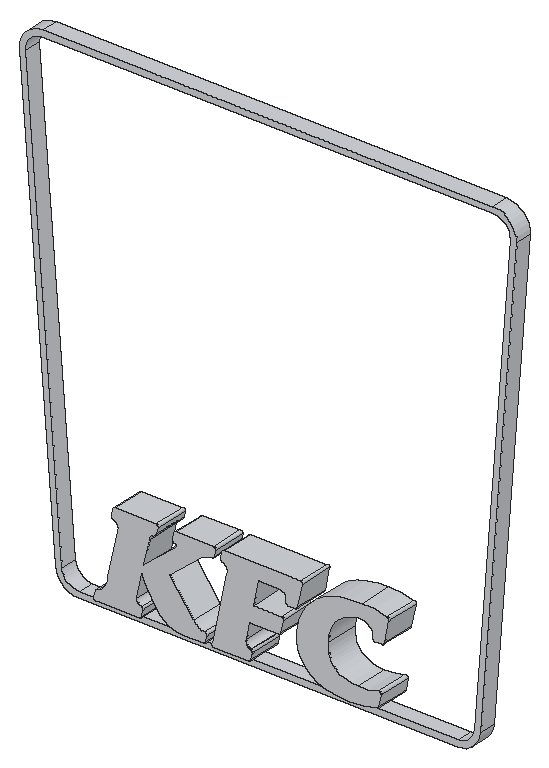
Revit family "ATT01_Colonel Lightbox", category Lighting Fixtures, Revit 2022 (continued)
Automatic sketch dimensions
  Extrusion 1 sketch curve to Extrusion 1 sketch curve = 35.704 mm
  Extrusion 1 sketch curve to Extrusion 1 sketch curve = 65.348 mm
  Extrusion 1 sketch curve to Extrusion 1 sketch curve = 25.6 mm
  Extrusion 1 sketch curve to Extrusion 1 sketch curve = 1.751 mm
  Extrusion 1 sketch curve to Extrusion 1 sketch curve = 18.805 mm
  Extrusion 1 sketch curve to Extrusion 1 sketch curve = 36.519 mm
  Extrusion 2 sketch curve to plane 4 = 0.006 mm
  Extrusion 2 sketch curve to level = 0 mm
  plane 6 to Extrusion 2 sketch curve = 0.184 mm
  Extrusion 2 sketch curve to Extrusion 2 sketch curve = 70.017 mm
  Extrusion 2 sketch curve to Extrusion 2 sketch curve = 0.038 mm  (x2)
  level to Extrusion 2 sketch curve = 63.271 mm  (x2)
  plane 6 to Extrusion 2 sketch curve = 108.211 mm
  Extrusion 2 sketch curve to Extrusion 2 sketch curve = 69.002 mm
  level to Extrusion 2 sketch curve = 70.522 mm
  Extrusion 2 sketch curve to plane 5 = 178.369 mm
  Extrusion 2 sketch curve to Extrusion 2 sketch curve = 1.156 mm
  Extrusion 2 sketch curve to Extrusion 2 sketch curve = 70.158 mm
  Extrusion 2 sketch curve to plane 5 = 70.239 mm
  Extrusion 2 sketch curve to plane 5 = 0.184 mm
  Extrusion 2 sketch curve to plane 4 = 75.17 mm
  Extrusion 2 sketch curve to plane 4 = 75.172 mm
  Extrusion 2 sketch curve to Extrusion 2 sketch curve = 18.19 mm
  Extrusion 2 sketch curve to Extrusion 2 sketch curve = 0.043 mm
  Extrusion 2 sketch curve to Extrusion 2 sketch curve = 0 mm  (x2)
  level to Extrusion 2 sketch curve = 65.185 mm  (x2)
  Extrusion 2 sketch curve to Extrusion 2 sketch curve = 18.198 mm
  Extrusion 2 sketch curve to Extrusion 2 sketch curve = 0.312 mm  (x2)
  Extrusion 2 sketch curve to Extrusion 2 sketch curve = 0.908 mm  (x2)
  Extrusion 2 sketch curve to Extrusion 2 sketch curve = 18.199 mm
  Extrusion 2 sketch curve to Extrusion 2 sketch curve = 0.04 mm
  Extrusion 2 sketch curve to Extrusion 2 sketch curve = 18.192 mm
  level to Extrusion 2 sketch curve = 18.296 mm
  Extrusion 2 sketch curve to Extrusion 2 sketch curve = 2.013 mm
  Extrusion 2 sketch curve to Extrusion 2 sketch curve = 2.041 mm
  Extrusion 2 sketch curve to Extrusion 2 sketch curve = 0.032 mm
  curve 111 to level = 726.148 mm
  plane 5 to curve 111 = 2767.647 mm
  curve 111 to curve 112 = 36.753 mm
  curve 111 to curve 167 = 458.388 mm
  curve 167 to curve 152 = 54.445 mm
  curve 167 to curve 349 = 224.127 mm
  curve 349 to curve 158 = 73.425 mm
  curve 349 to curve 359 = 446.453 mm
  curve 112 to curve 111 = 35.175 mm
  curve 112 to curve 359 = 137.524 mm
  curve 359 to curve 349 = 397.647 mm
  curve 349 to curve 167 = 45.016 mm
  curve 349 to curve 158 = 221.904 mm
  curve 158 to curve 152 = 268.172 mm
  curve 31 to curve 112 = 60.247 mm
  curve 36 to curve 31 = 2.693 mm
  curve 114 to curve 111 = 30.892 mm
  curve 35 to curve 31 = 8.902 mm
  curve 44 to curve 37 = 9.498 mm
  curve 114 to curve 114 = 5.61 mm
  curve 31 to curve 31 = 14.835 mm
  curve 105 to curve 111 = 38.589 mm
  curve 34 to curve 31 = 13.568 mm
  curve 106 to curve 106 = 13.375 mm
  curve 34 to curve 34 = 0.692 mm
  curve 33 to curve 34 = 0.098 mm
  curve 8 to curve 32 = 15.033 mm
  curve 7 to curve 7 = 0.703 mm
  curve 113 to curve 113 = 29.243 mm
  curve 45 to curve 44 = 32.025 mm
  curve 8 to curve 7 = 14.916 mm
  curve 47 to curve 45 = 1.12 mm
  curve 111 to curve 113 = 4.115 mm
  curve 111 to curve 112 = 6.296 mm
  curve 110 to curve 111 = 0.322 mm
  curve 107 to curve 110 = 2.03 mm
  curve 109 to curve 107 = 1.47 mm
  curve 108 to curve 109 = 0.421 mm
  curve 48 to curve 46 = 12.019 mm
  curve 9 to curve 8 = 12.771 mm
  curve 11 to curve 9 = 1.001 mm
  curve 49 to curve 47 = 16.128 mm
  curve 48 to curve 49 = 0.635 mm
  curve 11 to curve 11 = 41.768 mm
  curve 37 to curve 36 = 167.579 mm
  curve 26 to curve 11 = 72.756 mm
  curve 43 to curve 38 = 31.954 mm
  curve 38 to curve 38 = 54.466 mm
  curve 28 to curve 26 = 54.968 mm
  curve 26 to curve 27 = 60.153 mm
  curve 40 to curve 39 = 15.616 mm
  curve 5 to curve 27 = 15.836 mm
  curve 41 to curve 39 = 13.838 mm
  curve 41 to curve 41 = 0.646 mm
  curve 4 to curve 5 = 14.785 mm
  curve 12 to curve 41 = 15.079 mm
  curve 20 to curve 25 = 42.283 mm
  curve 29 to curve 27 = 50.231 mm
  curve 1 to curve 28 = 0.863 mm
  curve 13 to curve 12 = 14.698 mm
  curve 1 to curve 1 = 14.215 mm
  curve 24 to curve 1 = 18.666 mm
  curve 3 to curve 1 = 20.282 mm
  curve 19 to curve 20 = 38.454 mm
  curve 3 to curve 3 = 0.641 mm
  curve 24 to curve 24 = 14.793 mm
  curve 18 to curve 20 = 37.905 mm
  curve 18 to curve 19 = 1.415 mm
  curve 22 to curve 23 = 30.289 mm
  curve 23 to curve 22 = 0.644 mm
  curve 16 to curve 18 = 10.994 mm
  curve 15 to curve 17 = 16.274 mm
  curve 15 to curve 15 = 0.638 mm
  curve 86 to curve 23 = 54.731 mm
  curve 88 to curve 4 = 157.037 mm
  curve 78 to curve 87 = 33.548 mm
  curve 80 to curve 86 = 81.706 mm
  curve 89 to curve 87 = 77.602 mm
  curve 73 to curve 88 = 15.045 mm
  curve 78 to curve 79 = 78.624 mm
  curve 77 to curve 77 = 1.207 mm
  curve 76 to curve 77 = 13.78 mm
  curve 74 to curve 76 = 19.226 mm
  curve 73 to curve 74 = 0.643 mm
  curve 80 to curve 79 = 175.318 mm
  curve 85 to curve 80 = 23.245 mm
  curve 81 to curve 80 = 48.471 mm
  curve 82 to curve 81 = 16.245 mm
  curve 84 to curve 83 = 29.114 mm
  curve 85 to curve 83 = 1.31 mm
  curve 103 to curve 112 = 21.294 mm
  curve 45 to curve 43 = 57.404 mm
  curve 49 to curve 51 = 120.419 mm
  curve 35 to curve 69 = 69.571 mm
  curve 51 to curve 51 = 15.453 mm
  curve 112 to curve 102 = 4.724 mm
  curve 44 to curve 68 = 21.873 mm
  curve 115 to curve 122 = 83.187 mm
  curve 52 to curve 54 = 14.052 mm
  curve 54 to curve 52 = 0.286 mm
  curve 54 to curve 53 = 0.303 mm
  curve 68 to curve 69 = 16.131 mm
  curve 122 to curve 123 = 4.988 mm
  curve 70 to curve 71 = 14.005 mm
  curve 122 to curve 116 = 16.752 mm
  curve 54 to curve 54 = 17.563 mm
  curve 101 to curve 101 = 29.129 mm
  curve 123 to curve 124 = 13.331 mm
  curve 124 to curve 126 = 1.981 mm
  curve 125 to curve 126 = 3.599 mm
  curve 126 to curve 128 = 2.032 mm
  curve 116 to curve 116 = 11.167 mm
  curve 70 to curve 72 = 13.503 mm
  curve 72 to curve 72 = 0.695 mm
  curve 128 to curve 129 = 3.705 mm
  curve 115 to curve 104 = 14.793 mm
  curve 128 to curve 129 = 2.927 mm
  curve 105 to curve 104 = 1.042 mm
  curve 129 to curve 131 = 0.825 mm
  curve 122 to curve 122 = 33.557 mm
  curve 130 to curve 132 = 1.901 mm
  curve 131 to curve 133 = 0.853 mm
  curve 133 to curve 133 = 1.345 mm
  curve 133 to curve 134 = 0.408 mm
  curve 134 to curve 134 = 1.831 mm
  curve 70 to curve 67 = 38.756 mm
  curve 66 to curve 64 = 1.759 mm
  curve 65 to curve 65 = 0.569 mm
  curve 64 to curve 64 = 0.993 mm
  curve 134 to curve 135 = 24.464 mm
  curve 116 to curve 117 = 36.425 mm
  curve 117 to curve 121 = 1.701 mm
  curve 121 to curve 119 = 0.969 mm
  curve 119 to curve 118 = 2.684 mm
  curve 63 to curve 62 = 14.746 mm
  curve 62 to curve 62 = 14.627 mm
  curve 136 to curve 138 = 36.243 mm
  curve 136 to curve 137 = 42.441 mm
  curve 119 to curve 99 = 38.786 mm
  curve 136 to curve 137 = 2.531 mm
  curve 137 to curve 138 = 0.132 mm
  curve 139 to curve 139 = 12.797 mm
  curve 100 to curve 98 = 11.476 mm
  curve 66 to curve 55 = 76.712 mm
  curve 137 to curve 208 = 27.69 mm
  curve 140 to curve 202 = 28.149 mm
  curve 209 to curve 208 = 4.618 mm
  curve 139 to curve 203 = 54.016 mm
  curve 202 to curve 207 = 4.023 mm
  curve 202 to curve 204 = 11.643 mm
  curve 55 to curve 56 = 40.804 mm
  curve 56 to curve 58 = 1.578 mm
  curve 99 to curve 97 = 58.209 mm
  curve 204 to curve 204 = 13.912 mm
  curve 205 to curve 205 = 1.486 mm
  curve 57 to curve 58 = 13.335 mm
  curve 140 to curve 201 = 79.058 mm
  curve 200 to curve 142 = 3.927 mm
  curve 59 to curve 60 = 14.235 mm
  curve 60 to curve 59 = 0.7 mm
  curve 142 to curve 141 = 6.831 mm
  curve 98 to curve 97 = 25.73 mm
  curve 140 to curve 141 = 2.44 mm
  curve 202 to curve 222 = 67.899 mm
  curve 223 to curve 221 = 8.145 mm
  curve 208 to curve 92 = 81.528 mm
  curve 92 to curve 91 = 0.132 mm
  curve 143 to curve 143 = 27.258 mm
  curve 222 to curve 223 = 15.113 mm
  curve 96 to curve 95 = 24.267 mm
  curve 92 to curve 92 = 10.208 mm
  curve 143 to curve 196 = 40.442 mm
  curve 223 to curve 225 = 12.441 mm
  curve 140 to curve 199 = 35.937 mm
  curve 225 to curve 225 = 8.747 mm
  curve 199 to curve 199 = 8.021 mm
  curve 223 to curve 220 = 27.316 mm
  curve 198 to curve 197 = 6.46 mm
  curve 91 to curve 209 = 36.654 mm
  curve 96 to curve 95 = 28.02 mm
  curve 94 to curve 93 = 3.597 mm
  curve 143 to curve 196 = 46.884 mm
  curve 221 to curve 220 = 21.131 mm
  curve 225 to curve 226 = 29.343 mm
  curve 219 to curve 219 = 8.078 mm
  curve 210 to curve 211 = 31.029 mm
  curve 93 to curve 90 = 29.57 mm
  curve 210 to curve 213 = 13.183 mm
  curve 227 to curve 283 = 25.371 mm
  curve 196 to curve 144 = 31.669 mm
  curve 283 to curve 284 = 2.603 mm
  curve 227 to curve 228 = 29.184 mm
  curve 213 to curve 212 = 9.402 mm
  curve 283 to curve 282 = 9.352 mm
  curve 214 to curve 215 = 24.684 mm
  curve 218 to curve 271 = 43.301 mm
  curve 144 to curve 195 = 24.092 mm
  curve 195 to curve 265 = 0.553 mm
  curve 271 to curve 270 = 4.23 mm
  curve 211 to curve 298 = 43.491 mm
  curve 214 to curve 213 = 6.605 mm
  curve 297 to curve 296 = 3.312 mm
  curve 227 to curve 228 = 29.569 mm
  curve 195 to curve 261 = 10.94 mm
  curve 271 to curve 269 = 8.713 mm
  curve 261 to curve 262 = 1.632 mm
  curve 269 to curve 266 = 6.7 mm
  curve 214 to curve 217 = 21.686 mm
  curve 262 to curve 261 = 8.78 mm
  curve 214 to curve 215 = 21.925 mm
  curve 282 to curve 281 = 37.081 mm
  curve 215 to curve 217 = 11.545 mm
  curve 262 to curve 263 = 21.084 mm
  curve 265 to curve 145 = 36.113 mm
  curve 261 to curve 255 = 19.41 mm
  curve 263 to curve 265 = 5.936 mm
  curve 145 to curve 146 = 3.925 mm
  curve 146 to curve 148 = 4.729 mm
  curve 255 to curve 254 = 6.65 mm
  curve 147 to curve 149 = 2.696 mm
  curve 217 to curve 267 = 28.539 mm
  curve 281 to curve 167 = 28.079 mm
  curve 269 to curve 286 = 45.015 mm
  curve 229 to curve 167 = 20.801 mm
  curve 264 to curve 259 = 31.122 mm
  curve 254 to curve 254 = 19.324 mm
  curve 280 to curve 279 = 13.432 mm
  curve 255 to curve 250 = 27.956 mm
  curve 296 to curve 293 = 63.127 mm
  curve 266 to curve 267 = 23.248 mm
  curve 280 to curve 279 = 6.514 mm
  curve 254 to curve 251 = 7.285 mm
  curve 267 to curve 269 = 2.66 mm
  curve 294 to curve 295 = 4.251 mm
  curve 252 to curve 252 = 4.337 mm
  curve 260 to curve 259 = 12.403 mm
  curve 259 to curve 256 = 0.142 mm
  curve 296 to curve 294 = 3.702 mm
  curve 285 to curve 277 = 22.812 mm
  curve 293 to curve 293 = 9.549 mm
  curve 285 to curve 286 = 24.543 mm
  curve 250 to curve 250 = 15.4 mm
  curve 167 to curve 233 = 6.034 mm
  curve 256 to curve 257 = 11.852 mm
  curve 249 to curve 249 = 10.635 mm
  curve 259 to curve 402 = 17.698 mm
  curve 402 to curve 398 = 4.974 mm
  curve 402 to curve 401 = 5.649 mm
  curve 232 to curve 231 = 15.344 mm
  curve 398 to curve 398 = 4.909 mm
  curve 249 to curve 391 = 22.727 mm
  curve 401 to curve 400 = 5.538 mm
  curve 248 to curve 248 = 13.256 mm
  curve 256 to curve 394 = 29.523 mm
  curve 149 to curve 152 = 27.435 mm
  curve 231 to curve 230 = 5.841 mm
  curve 402 to curve 424 = 8.269 mm
  curve 425 to curve 424 = 2.671 mm
  curve 394 to curve 396 = 5.19 mm
  curve 390 to curve 390 = 8.393 mm
  curve 423 to curve 417 = 2.931 mm
  curve 149 to curve 150 = 10.721 mm
  curve 398 to curve 399 = 13.141 mm
  curve 277 to curve 234 = 39.366 mm
  curve 247 to curve 247 = 12.146 mm
  curve 416 to curve 418 = 5.305 mm
  curve 389 to curve 382 = 7.313 mm
  curve 423 to curve 422 = 10.433 mm
  curve 394 to curve 393 = 17.334 mm
  curve 268 to curve 287 = 53.228 mm
  curve 395 to curve 396 = 20.797 mm
  curve 416 to curve 416 = 21.235 mm
  curve 286 to curve 276 = 55.862 mm
  curve 152 to curve 152 = 4.782 mm
  curve 400 to curve 425 = 23.708 mm
  curve 151 to curve 153 = 2.573 mm
  curve 391 to curve 382 = 24.231 mm
  curve 382 to curve 389 = 3.092 mm
  curve 293 to curve 194 = 72.467 mm
  curve 389 to curve 392 = 5.061 mm
  curve 397 to curve 392 = 2.011 mm
  curve 276 to curve 276 = 21.762 mm
  curve 382 to curve 246 = 13.253 mm
  curve 275 to curve 275 = 5.059 mm
  curve 382 to curve 383 = 23.352 mm
  curve 274 to curve 288 = 5.521 mm
  curve 418 to curve 421 = 50.705 mm
  curve 273 to curve 273 = 2.122 mm
  curve 383 to curve 387 = 4.564 mm
  curve 276 to curve 377 = 38.589 mm
  curve 387 to curve 386 = 6.832 mm
  curve 383 to curve 385 = 11.987 mm
  curve 245 to curve 241 = 22.625 mm
  curve 241 to curve 243 = 4.14 mm
  curve 377 to curve 381 = 10.166 mm
  curve 242 to curve 240 = 5.423 mm
  curve 381 to curve 234 = 2.743 mm
  curve 385 to curve 385 = 7.625 mm
  curve 90 to curve 289 = 37.525 mm
  curve 273 to curve 291 = 23.859 mm
  curve 380 to curve 377 = 7.647 mm
  curve 242 to curve 244 = 10.799 mm
  curve 244 to curve 243 = 1.965 mm
  curve 234 to curve 379 = 17.388 mm
  curve 234 to curve 235 = 22.458 mm
  curve 291 to curve 290 = 17.758 mm
  curve 290 to curve 289 = 5.494 mm
  curve 379 to curve 379 = 13.402 mm
  curve 378 to curve 323 = 27.056 mm
  curve 323 to curve 324 = 0.037 mm
  curve 323 to curve 323 = 2.739 mm
  curve 386 to curve 426 = 47.865 mm
  curve 243 to curve 239 = 30.918 mm
  curve 324 to curve 324 = 10.69 mm
  curve 289 to curve 193 = 41.97 mm
  curve 378 to curve 321 = 13.433 mm
  curve 321 to curve 320 = 0.697 mm
  curve 421 to curve 421 = 62.737 mm
  curve 236 to curve 236 = 23.653 mm
  curve 320 to curve 320 = 5.734 mm
  curve 194 to curve 192 = 10.448 mm
  curve 235 to curve 315 = 36.553 mm
  curve 315 to curve 314 = 0.228 mm
  curve 319 to curve 318 = 12.031 mm
  curve 239 to curve 239 = 22.219 mm
  curve 238 to curve 427 = 0.553 mm
  curve 428 to curve 428 = 2.043 mm
  curve 239 to curve 238 = 4.305 mm
  curve 420 to curve 418 = 22.655 mm
  curve 192 to curve 191 = 16.745 mm
  curve 418 to curve 420 = 5.866 mm
  curve 324 to curve 326 = 31.093 mm
  curve 428 to curve 429 = 8.468 mm
  curve 313 to curve 313 = 15.223 mm
  curve 318 to curve 318 = 12.854 mm
  curve 312 to curve 311 = 1.249 mm
  curve 317 to curve 316 = 1.419 mm
  curve 317 to curve 317 = 5.126 mm
  curve 311 to curve 311 = 8.342 mm
  curve 191 to curve 190 = 14.615 mm
  curve 429 to curve 430 = 16.699 mm
  curve 311 to curve 310 = 13.331 mm
  curve 430 to curve 431 = 13.509 mm
  curve 309 to curve 349 = 6.289 mm
  curve 316 to curve 300 = 31.802 mm
  curve 300 to curve 299 = 3.531 mm
  curve 301 to curve 302 = 12.638 mm
  curve 349 to curve 308 = 16.533 mm
  curve 349 to curve 372 = 17.729 mm
  curve 300 to curve 299 = 19.242 mm
  curve 299 to curve 326 = 7.159 mm
  curve 372 to curve 370 = 9.269 mm
  curve 302 to curve 306 = 23.916 mm
  curve 326 to curve 340 = 7.43 mm
  curve 306 to curve 305 = 2.914 mm
  curve 340 to curve 189 = 2.582 mm
  curve 341 to curve 341 = 2.595 mm
  curve 371 to curve 373 = 20.267 mm
  curve 372 to curve 369 = 10.49 mm
  curve 307 to curve 374 = 35.01 mm
  curve 305 to curve 304 = 19.942 mm
  curve 334 to curve 340 = 21.414 mm
  curve 304 to curve 303 = 3.202 mm
  curve 373 to curve 375 = 9.31 mm
  curve 373 to curve 369 = 12.493 mm
  curve 304 to curve 303 = 8.926 mm
  curve 373 to curve 368 = 16.087 mm
  curve 339 to curve 334 = 10.247 mm
  curve 375 to curve 376 = 9.327 mm
  curve 369 to curve 433 = 28.236 mm
  curve 418 to curve 154 = 127.269 mm
  curve 368 to curve 366 = 17.16 mm
  curve 365 to curve 367 = 3.489 mm
  curve 153 to curve 155 = 10.803 mm
  curve 366 to curve 367 = 3.428 mm
  curve 154 to curve 415 = 2.259 mm
  curve 366 to curve 365 = 9.498 mm
  curve 365 to curve 364 = 8.806 mm
  curve 362 to curve 363 = 16.712 mm
  curve 364 to curve 363 = 6.549 mm
  curve 339 to curve 339 = 52.475 mm
  curve 154 to curve 156 = 30.231 mm
  curve 363 to curve 333 = 25.167 mm
  curve 338 to curve 336 = 24.599 mm
  curve 338 to curve 337 = 27.78 mm
  curve 332 to curve 331 = 5.667 mm
  curve 332 to curve 333 = 9.576 mm
  curve 158 to curve 442 = 75.859 mm
  curve 442 to curve 440 = 0.83 mm
  curve 332 to curve 433 = 11.07 mm
  curve 328 to curve 331 = 7.607 mm
  curve 328 to curve 329 = 8.19 mm
  curve 155 to curve 414 = 32.406 mm
  curve 328 to curve 329 = 3.854 mm
  curve 337 to curve 337 = 21.826 mm
  curve 441 to curve 442 = 10.642 mm
  curve 433 to curve 434 = 9.635 mm
  curve 434 to curve 435 = 2.257 mm
  curve 440 to curve 439 = 17.979 mm
  curve 433 to curve 437 = 26.791 mm
  curve 330 to curve 356 = 25.215 mm
  curve 357 to curve 357 = 6.47 mm
  curve 356 to curve 355 = 8.054 mm
  curve 336 to curve 188 = 31.87 mm
  curve 413 to curve 156 = 43.369 mm
  curve 358 to curve 186 = 15.604 mm
  curve 186 to curve 186 = 0.573 mm
  curve 186 to curve 187 = 3.295 mm
  curve 440 to curve 439 = 55.544 mm
  curve 355 to curve 358 = 59.156 mm
  curve 438 to curve 437 = 26.765 mm
  curve 156 to curve 158 = 56.918 mm
  curve 157 to curve 413 = 0.153 mm
  curve 157 to curve 159 = 8.612 mm
  curve 437 to curve 354 = 86.616 mm
  curve 358 to curve 359 = 16.818 mm
  curve 359 to curve 185 = 20.154 mm
  curve 354 to curve 353 = 5.871 mm
  curve 353 to curve 353 = 1.546 mm
  curve 437 to curve 350 = 23.518 mm
  curve 158 to curve 159 = 18.102 mm
  curve 350 to curve 443 = 5.874 mm
  curve 412 to curve 412 = 29.738 mm
  curve 437 to curve 352 = 35.09 mm
  curve 350 to curve 349 = 17.648 mm
  curve 360 to curve 361 = 32.41 mm
  curve 350 to curve 349 = 10.176 mm
  curve 443 to curve 444 = 28.607 mm
  curve 354 to curve 342 = 48.406 mm
  curve 411 to curve 410 = 33.566 mm
  curve 351 to curve 348 = 32.647 mm
  curve 445 to curve 446 = 18.436 mm
  curve 411 to curve 161 = 13.621 mm
  curve 161 to curve 161 = 4.798 mm
  curve 161 to curve 163 = 2.974 mm
  curve 360 to curve 183 = 40.861 mm
  curve 342 to curve 343 = 26.44 mm
  curve 162 to curve 164 = 3.332 mm
  curve 445 to curve 406 = 33.191 mm
  curve 342 to curve 183 = 32.341 mm
  curve 406 to curve 405 = 4.569 mm
  curve 405 to curve 406 = 9.908 mm
  curve 163 to curve 164 = 11.634 mm
  curve 347 to curve 446 = 40.816 mm
  curve 183 to curve 181 = 14.751 mm
  curve 342 to curve 346 = 20.98 mm
  curve 446 to curve 447 = 4.331 mm
  curve 448 to curve 448 = 0.612 mm
  curve 405 to curve 408 = 18.604 mm
  curve 346 to curve 343 = 5.245 mm
  curve 406 to curve 409 = 15.511 mm
  curve 343 to curve 345 = 3.802 mm
  curve 345 to curve 344 = 0.257 mm
  curve 181 to curve 181 = 9.914 mm
  curve 181 to curve 180 = 0.389 mm
  curve 165 to curve 166 = 17.354 mm
  curve 407 to curve 408 = 7.773 mm
  curve 346 to curve 176 = 18.961 mm
  curve 175 to curve 176 = 5.819 mm
  curve 409 to curve 167 = 20.011 mm
  curve 166 to curve 167 = 8.051 mm
  curve 167 to curve 169 = 2.22 mm
  curve 180 to curve 179 = 32.033 mm
  curve 177 to curve 177 = 20.476 mm
  curve 177 to curve 178 = 0.169 mm
  curve 168 to curve 169 = 8.229 mm
  curve 179 to curve 178 = 6.649 mm
  curve 448 to curve 172 = 49.13 mm
  curve 170 to curve 170 = 10.577 mm
  curve 173 to curve 172 = 4.923 mm
  curve 170 to curve 171 = 2.903 mm
  curve 177 to curve 174 = 31.119 mm
  curve 174 to curve 174 = 0.911 mm
  curve 87 to curve 111 = 13.555 mm
  curve 112 to curve 103 = 9.45 mm
  curve 24 to curve 87 = 23.127 mm
  curve 24 to curve 24 = 0.8 mm
  curve 27 to curve 25 = 4.48 mm
  curve 102 to curve 112 = 14.709 mm
  curve 101 to curve 101 = 11.377 mm
  curve 23 to curve 23 = 43.146 mm
  curve 22 to curve 22 = 11.85 mm
  curve 7 to curve 102 = 80.529 mm
  curve 7 to curve 7 = 12.95 mm
  curve 25 to curve 27 = 83.473 mm
  curve 9 to curve 7 = 20.79 mm
  curve 31 to curve 8 = 21.18 mm
  curve 32 to curve 31 = 0.806 mm
  curve 11 to curve 8 = 2.388 mm
  curve 9 to curve 10 = 0.539 mm
  curve 12 to curve 11 = 12.183 mm
  curve 33 to curve 31 = 19.985 mm
  curve 34 to curve 32 = 11.233 mm
  curve 34 to curve 33 = 0.957 mm
  curve 20 to curve 25 = 58.931 mm
  curve 35 to curve 34 = 50.315 mm
  curve 20 to curve 20 = 53.343 mm
  curve 18 to curve 20 = 8.978 mm
  curve 19 to curve 18 = 0.608 mm
  curve 17 to curve 18 = 2.975 mm
  curve 72 to curve 36 = 33.155 mm
  curve 72 to curve 72 = 12.863 mm
  curve 15 to curve 17 = 23.581 mm
  curve 15 to curve 15 = 11.809 mm
  curve 71 to curve 72 = 19.787 mm
  curve 69 to curve 70 = 2.861 mm
  curve 68 to curve 69 = 10.168 mm
  curve 62 to curve 72 = 51.193 mm
  curve 63 to curve 62 = 0.793 mm
  curve 64 to curve 62 = 20.551 mm
  curve 65 to curve 63 = 10.295 mm
  curve 66 to curve 65 = 1.248 mm
  curve 66 to curve 65 = 35.168 mm
  curve 13 to curve 15 = 106.317 mm
  curve 13 to curve 12 = 0.793 mm
  curve 39 to curve 13 = 1.637 mm
  curve 37 to curve 68 = 90.108 mm
  curve 40 to curve 39 = 1.09 mm
  curve 37 to curve 38 = 16.234 mm
  curve 40 to curve 39 = 20.301 mm
  curve 41 to curve 40 = 11.731 mm
  curve 60 to curve 66 = 59.817 mm
  curve 59 to curve 60 = 12.921 mm
  curve 68 to curve 67 = 86.691 mm
  curve 59 to curve 60 = 20.839 mm
  curve 43 to curve 41 = 58.014 mm
  curve 56 to curve 59 = 2.085 mm
  curve 57 to curve 56 = 0.877 mm
  curve 56 to curve 56 = 12.41 mm
  curve 43 to curve 68 = 30.341 mm
  curve 45 to curve 44 = 79.591 mm
  curve 46 to curve 44 = 3.391 mm
  curve 46 to curve 47 = 0.558 mm
  curve 48 to curve 46 = 2.952 mm
  curve 49 to curve 47 = 23.379 mm
  curve 49 to curve 49 = 11.78 mm
  curve 54 to curve 45 = 66.952 mm
  curve 54 to curve 54 = 75.615 mm
  curve 53 to curve 54 = 0.435 mm
  curve 53 to curve 53 = 12.12 mm
  curve 51 to curve 53 = 19.982 mm
  curve 51 to curve 52 = 0.834 mm
  curve 111 to curve 106 = 2.235 mm
  curve 106 to curve 106 = 0.939 mm
  curve 24 to curve 1 = 55.719 mm
  curve 1 to curve 29 = 0 mm
  curve 1 to curve 28 = 0.937 mm
  curve 28 to curve 28 = 0.37 mm
  curve 86 to curve 86 = 35.871 mm
  curve 107 to curve 108 = 38.407 mm
  curve 1 to curve 3 = 22.643 mm
  curve 107 to curve 109 = 3.319 mm
  curve 108 to curve 110 = 3.06 mm
  curve 3 to curve 4 = 11.83 mm
  curve 100 to curve 97 = 115.14 mm
  curve 110 to curve 110 = 6.148 mm
  curve 110 to curve 111 = 0.446 mm
  curve 96 to curve 95 = 15.939 mm
  curve 97 to curve 97 = 20.054 mm
  curve 86 to curve 79 = 105.528 mm
  curve 112 to curve 114 = 26.955 mm
  curve 96 to curve 94 = 25.859 mm
  curve 114 to curve 114 = 4.633 mm
  curve 85 to curve 80 = 79.143 mm
  curve 115 to curve 104 = 13.443 mm
  curve 103 to curve 104 = 3.318 mm
  curve 94 to curve 93 = 25.071 mm
  curve 80 to curve 85 = 26.057 mm
  curve 4 to curve 4 = 77.577 mm
  curve 4 to curve 5 = 0.801 mm
  curve 104 to curve 100 = 24.558 mm
  curve 84 to curve 84 = 11.325 mm
  curve 100 to curve 98 = 6.93 mm
  curve 93 to curve 90 = 37.266 mm
  curve 94 to curve 92 = 37.819 mm
  curve 104 to curve 116 = 57.216 mm
  curve 92 to curve 92 = 13.945 mm
  curve 92 to curve 91 = 0.15 mm
  curve 84 to curve 81 = 36.228 mm
  curve 81 to curve 83 = 1.854 mm
  curve 116 to curve 116 = 6.119 mm
  curve 90 to curve 90 = 30.151 mm
  curve 116 to curve 118 = 18.709 mm
  curve 117 to curve 119 = 3.36 mm
  curve 118 to curve 119 = 4.468 mm
  curve 120 to curve 121 = 1.572 mm
  curve 194 to curve 190 = 29.175 mm
  curve 190 to curve 192 = 7.698 mm
  curve 191 to curve 193 = 1.053 mm
  curve 90 to curve 298 = 69.363 mm
  curve 194 to curve 192 = 7.876 mm
  curve 119 to curve 208 = 33.692 mm
  curve 193 to curve 298 = 12.898 mm
  curve 190 to curve 190 = 22.558 mm
  curve 297 to curve 292 = 15.635 mm
  curve 120 to curve 122 = 36.934 mm
  curve 297 to curve 209 = 16.762 mm
  curve 297 to curve 297 = 22.368 mm
  curve 292 to curve 293 = 8.918 mm
  curve 209 to curve 208 = 19.411 mm
  curve 294 to curve 295 = 16.993 mm
  curve 121 to curve 123 = 31.551 mm
  curve 79 to curve 79 = 185.316 mm
  curve 294 to curve 296 = 11.841 mm
  curve 210 to curve 211 = 37.389 mm
  curve 189 to curve 341 = 42.902 mm
  curve 334 to curve 340 = 0.664 mm
  curve 79 to curve 77 = 8.757 mm
  curve 77 to curve 76 = 0.39 mm
  curve 76 to curve 77 = 1.183 mm
  curve 289 to curve 290 = 52.336 mm
  curve 334 to curve 335 = 8.621 mm
  curve 207 to curve 137 = 42.515 mm
  curve 137 to curve 138 = 0.15 mm
  curve 137 to curve 137 = 1.53 mm
  curve 289 to curve 291 = 11.248 mm
  curve 290 to curve 292 = 1.432 mm
  curve 122 to curve 123 = 29.675 mm
  curve 76 to curve 74 = 21.464 mm
  curve 138 to curve 207 = 12.951 mm
  curve 334 to curve 339 = 19.935 mm
  curve 210 to curve 212 = 29.911 mm
  curve 123 to curve 124 = 11.769 mm
  curve 124 to curve 125 = 1.791 mm
  curve 74 to curve 73 = 11.867 mm
  curve 125 to curve 126 = 3.295 mm
  curve 126 to curve 128 = 1.883 mm
  curve 290 to curve 325 = 21.594 mm
  curve 334 to curve 335 = 33.21 mm
  curve 335 to curve 188 = 0.807 mm
  curve 128 to curve 129 = 3.413 mm
  curve 128 to curve 130 = 2.802 mm
  curve 129 to curve 131 = 0.786 mm
  curve 291 to curve 273 = 26.54 mm
  curve 211 to curve 212 = 19.604 mm
  curve 211 to curve 213 = 19.939 mm
  curve 130 to curve 132 = 1.828 mm
  curve 79 to curve 88 = 55.351 mm
  curve 131 to curve 133 = 0.834 mm
  curve 207 to curve 206 = 24.628 mm
  curve 133 to curve 133 = 1.346 mm
  curve 133 to curve 134 = 0.42 mm
  curve 134 to curve 135 = 1.836 mm
  curve 273 to curve 273 = 8.326 mm
  curve 134 to curve 136 = 4.701 mm
  curve 206 to curve 204 = 8.193 mm
  curve 204 to curve 203 = 1.071 mm
  curve 336 to curve 339 = 19.396 mm
  curve 339 to curve 326 = 37.464 mm
  curve 212 to curve 215 = 19.332 mm
  curve 204 to curve 202 = 12.824 mm
  curve 273 to curve 287 = 17.394 mm
  curve 216 to curve 215 = 6.18 mm
  curve 215 to curve 217 = 7.352 mm
  curve 188 to curve 188 = 37.854 mm
  curve 187 to curve 336 = 2.614 mm
  curve 273 to curve 274 = 28.301 mm
  curve 327 to curve 299 = 18.818 mm
  curve 325 to curve 324 = 44.741 mm
  curve 187 to curve 187 = 5.921 mm
  curve 186 to curve 185 = 1.69 mm
  curve 337 to curve 338 = 6.614 mm
  curve 216 to curve 267 = 17.875 mm
  curve 327 to curve 299 = 9.439 mm
  curve 217 to curve 217 = 23.14 mm
  curve 267 to curve 269 = 6.305 mm
  curve 267 to curve 266 = 10.329 mm
  curve 136 to curve 138 = 45.573 mm
  curve 300 to curve 300 = 10.966 mm
  curve 299 to curve 303 = 24.224 mm
  curve 74 to curve 89 = 75.903 mm
  curve 301 to curve 301 = 9.162 mm
  curve 73 to curve 89 = 2.901 mm
  curve 274 to curve 275 = 32.922 mm
  curve 185 to curve 357 = 30.024 mm
  curve 302 to curve 303 = 10.987 mm
  curve 186 to curve 184 = 33.28 mm
  curve 324 to curve 324 = 37.684 mm
  curve 324 to curve 323 = 0.147 mm
  curve 303 to curve 304 = 5.954 mm
  curve 357 to curve 357 = 10.372 mm
  curve 304 to curve 306 = 6.026 mm
  curve 323 to curve 323 = 10.973 mm
  curve 322 to curve 317 = 2.823 mm
  curve 356 to curve 329 = 9.58 mm
  curve 269 to curve 287 = 40.595 mm
  curve 306 to curve 307 = 8.789 mm
  curve 217 to curve 272 = 42.829 mm
  curve 317 to curve 317 = 4.105 mm
  curve 317 to curve 318 = 5.33 mm
  curve 328 to curve 330 = 5.218 mm
  curve 328 to curve 362 = 5.759 mm
  curve 328 to curve 328 = 5.789 mm
  curve 276 to curve 276 = 28.622 mm
  curve 356 to curve 356 = 19.258 mm
  curve 322 to curve 377 = 12.883 mm
  curve 362 to curve 362 = 4.04 mm
  curve 329 to curve 331 = 6.146 mm
  curve 184 to curve 358 = 28.745 mm
  curve 333 to curve 333 = 6.469 mm
  curve 318 to curve 321 = 12.93 mm
  curve 322 to curve 319 = 1.877 mm
  curve 316 to curve 316 = 16.128 mm
  curve 377 to curve 381 = 10.655 mm
  curve 321 to curve 320 = 2.97 mm
  curve 332 to curve 332 = 12.513 mm
  curve 377 to curve 380 = 6.439 mm
  curve 359 to curve 183 = 6.713 mm
  curve 362 to curve 374 = 18.697 mm
  curve 331 to curve 434 = 17.567 mm
  curve 286 to curve 285 = 27.951 mm
  curve 434 to curve 435 = 1.684 mm
  curve 272 to curve 269 = 29.577 mm
  curve 362 to curve 363 = 27.738 mm
  curve 375 to curve 376 = 5.02 mm
  curve 321 to curve 379 = 12.762 mm
  curve 139 to curve 202 = 67.72 mm
  curve 376 to curve 367 = 1.761 mm
  curve 202 to curve 221 = 1.524 mm
  curve 270 to curve 271 = 4.631 mm
  curve 271 to curve 270 = 3.546 mm
  curve 434 to curve 434 = 12.771 mm
  curve 285 to curve 278 = 14.165 mm
  curve 364 to curve 364 = 10.272 mm
  curve 375 to curve 368 = 11.202 mm
  curve 376 to curve 374 = 0.951 mm
  curve 360 to curve 360 = 25.32 mm
  curve 378 to curve 380 = 13.508 mm
  curve 271 to curve 219 = 11.643 mm
  curve 366 to curve 365 = 16.402 mm
  curve 221 to curve 223 = 16.468 mm
  curve 366 to curve 365 = 3.769 mm
  curve 308 to curve 349 = 22.224 mm
  curve 380 to curve 235 = 10.487 mm
  curve 218 to curve 220 = 9.106 mm
  curve 219 to curve 220 = 3.761 mm
  curve 277 to curve 234 = 18.009 mm
  curve 376 to curve 368 = 18.92 mm
  curve 378 to curve 314 = 37.8 mm
  curve 315 to curve 314 = 0.919 mm
  curve 222 to curve 223 = 22.112 mm
  curve 201 to curve 140 = 40.263 mm
  curve 308 to curve 349 = 3.848 mm
  curve 368 to curve 373 = 17.502 mm
  curve 183 to curve 182 = 53.225 mm
  curve 278 to curve 167 = 39.373 mm
  curve 313 to curve 312 = 13.581 mm
  curve 312 to curve 312 = 0.138 mm
  curve 308 to curve 310 = 15.348 mm
  curve 433 to curve 436 = 51.071 mm
  curve 183 to curve 181 = 13.888 mm
  curve 314 to curve 236 = 24.685 mm
  curve 183 to curve 342 = 16.267 mm
  curve 223 to curve 225 = 24.473 mm
  curve 181 to curve 181 = 4.487 mm
  curve 181 to curve 180 = 0.144 mm
  curve 310 to curve 311 = 10.049 mm
  curve 372 to curve 370 = 20.45 mm
  curve 349 to curve 372 = 24.648 mm
  curve 180 to curve 180 = 6.271 mm
  curve 361 to curve 354 = 9.871 mm
  curve 279 to curve 167 = 15.977 mm
  curve 220 to curve 284 = 52.617 mm
  curve 179 to curve 179 = 4.34 mm
  curve 372 to curve 371 = 8.553 mm
  curve 284 to curve 281 = 7.016 mm
  curve 279 to curve 280 = 10.108 mm
  curve 182 to curve 343 = 26.235 mm
  curve 369 to curve 433 = 22.954 mm
  curve 285 to curve 283 = 15.57 mm
  curve 167 to curve 233 = 2.87 mm
  curve 282 to curve 284 = 1.665 mm
  curve 236 to curve 237 = 32.915 mm
  curve 225 to curve 225 = 31.881 mm
  curve 342 to curve 344 = 9.032 mm
  curve 343 to curve 344 = 3.456 mm
  curve 354 to curve 354 = 28.12 mm
  curve 344 to curve 346 = 1.715 mm
  curve 232 to curve 231 = 15.023 mm
  curve 345 to curve 346 = 12.027 mm
  curve 225 to curve 201 = 19.311 mm
  curve 345 to curve 178 = 21.782 mm
  curve 178 to curve 177 = 0.233 mm
  curve 236 to curve 237 = 28.898 mm
  curve 231 to curve 230 = 17.267 mm
  curve 284 to curve 226 = 34.945 mm
  curve 353 to curve 352 = 27.808 mm
  curve 282 to curve 228 = 40.981 mm
  curve 236 to curve 241 = 39.753 mm
  curve 237 to curve 431 = 11.867 mm
  curve 230 to curve 229 = 11.684 mm
  curve 228 to curve 228 = 8.128 mm
  curve 237 to curve 239 = 17.734 mm
  curve 177 to curve 177 = 22.352 mm
  curve 238 to curve 240 = 4.135 mm
  curve 241 to curve 241 = 12.159 mm
  curve 431 to curve 430 = 14.276 mm
  curve 177 to curve 174 = 33.319 mm
  curve 176 to curve 176 = 14.44 mm
  curve 241 to curve 242 = 13.28 mm
  curve 243 to curve 243 = 3.933 mm
  curve 174 to curve 173 = 9.995 mm
  curve 226 to curve 199 = 39.326 mm
  curve 430 to curve 430 = 18.792 mm
  curve 243 to curve 245 = 7.843 mm
  curve 199 to curve 141 = 8.888 mm
  curve 429 to curve 429 = 8.035 mm
  curve 352 to curve 351 = 50.726 mm
  curve 199 to curve 199 = 14.395 mm
  curve 229 to curve 254 = 45.44 mm
  curve 428 to curve 428 = 11.311 mm
  curve 254 to curve 253 = 9.963 mm
  curve 140 to curve 141 = 16.974 mm
  curve 242 to curve 245 = 34.19 mm
  curve 253 to curve 252 = 8.118 mm
  curve 351 to curve 347 = 20.229 mm
  curve 252 to curve 254 = 2.126 mm
  curve 198 to curve 197 = 22.654 mm
  curve 141 to curve 143 = 16.902 mm
  curve 347 to curve 447 = 12.318 mm
  curve 351 to curve 437 = 36.634 mm
  curve 246 to curve 385 = 26.773 mm
  curve 446 to curve 448 = 9.669 mm
  curve 385 to curve 386 = 0.561 mm
  curve 197 to curve 196 = 18.773 mm
  curve 347 to curve 349 = 38.623 mm
  curve 384 to curve 384 = 18.628 mm
  curve 448 to curve 404 = 20.985 mm
  curve 383 to curve 247 = 3.386 mm
  curve 247 to curve 248 = 1.567 mm
  curve 247 to curve 247 = 3.61 mm
  curve 254 to curve 256 = 50.341 mm
  curve 383 to curve 386 = 12.93 mm
  curve 248 to curve 249 = 8.589 mm
  curve 383 to curve 382 = 15.657 mm
  curve 250 to curve 251 = 2.916 mm
  curve 386 to curve 426 = 5.656 mm
  curve 386 to curve 388 = 7.908 mm
  curve 247 to curve 382 = 18.127 mm
  curve 349 to curve 350 = 9.595 mm
  curve 448 to curve 172 = 24.214 mm
  curve 382 to curve 388 = 14.38 mm
  curve 382 to curve 390 = 11.044 mm
  curve 173 to curve 171 = 7.485 mm
  curve 390 to curve 390 = 2.874 mm
  curve 196 to curve 143 = 58.696 mm
  curve 350 to curve 439 = 19.236 mm
  curve 350 to curve 445 = 30.728 mm
  curve 389 to curve 392 = 15.414 mm
  curve 397 to curve 396 = 1.78 mm
  curve 397 to curve 393 = 6.391 mm
  curve 389 to curve 396 = 18.237 mm
  curve 143 to curve 196 = 13.321 mm
  curve 171 to curve 171 = 25.372 mm
  curve 396 to curve 394 = 12.713 mm
  curve 445 to curve 445 = 23.105 mm
  curve 171 to curve 170 = 8.61 mm
  curve 394 to curve 256 = 7.753 mm
  curve 394 to curve 394 = 11.549 mm
  curve 256 to curve 261 = 5.101 mm
  curve 260 to curve 262 = 0.098 mm
  curve 445 to curve 405 = 12.734 mm
  curve 438 to curve 439 = 41.182 mm
  curve 405 to curve 408 = 3.719 mm
  curve 407 to curve 409 = 1.604 mm
  curve 404 to curve 405 = 10.155 mm
  curve 444 to curve 443 = 25.079 mm
  curve 439 to curve 441 = 11.393 mm
  curve 256 to curve 258 = 22.635 mm
  curve 405 to curve 406 = 7.454 mm
  curve 170 to curve 169 = 30.929 mm
  curve 261 to curve 262 = 28.386 mm
  curve 257 to curve 399 = 11.843 mm
  curve 406 to curve 409 = 13.925 mm
  curve 398 to curve 399 = 4.02 mm
  curve 400 to curve 425 = 4.055 mm
  curve 399 to curve 403 = 9.991 mm
  curve 169 to curve 169 = 19.46 mm
  curve 440 to curve 441 = 26.589 mm
  curve 257 to curve 260 = 24.74 mm
  curve 260 to curve 258 = 1.139 mm
  curve 168 to curve 168 = 4.931 mm
  curve 262 to curve 264 = 17.67 mm
  curve 398 to curve 401 = 7.165 mm
  curve 398 to curve 403 = 9.196 mm
  curve 441 to curve 442 = 7.493 mm
  curve 402 to curve 401 = 3.153 mm
  curve 262 to curve 195 = 29.879 mm
  curve 195 to curve 265 = 0.495 mm
  curve 402 to curve 424 = 13.558 mm
  curve 263 to curve 264 = 22.215 mm
  curve 425 to curve 424 = 5.97 mm
  curve 423 to curve 422 = 7.902 mm
  curve 195 to curve 144 = 21.326 mm
  curve 167 to curve 166 = 32.503 mm
  curve 422 to curve 421 = 25.101 mm
  curve 422 to curve 418 = 30.629 mm
  curve 264 to curve 146 = 41.714 mm
  curve 147 to curve 146 = 1.325 mm
  curve 146 to curve 147 = 1.639 mm
  curve 147 to curve 149 = 3.866 mm
  curve 166 to curve 410 = 22.103 mm
  curve 417 to curve 417 = 8.891 mm
  curve 166 to curve 164 = 28.326 mm
  curve 421 to curve 420 = 24.508 mm
  curve 164 to curve 163 = 16.167 mm
  curve 163 to curve 162 = 3.974 mm
  curve 416 to curve 415 = 24.771 mm
  curve 162 to curve 161 = 3.565 mm
  curve 161 to curve 161 = 5.873 mm
  curve 420 to curve 420 = 24.362 mm
  curve 161 to curve 411 = 3.107 mm
  curve 419 to curve 418 = 7.941 mm
  curve 411 to curve 412 = 24.529 mm
  curve 150 to curve 152 = 13.127 mm
  curve 149 to curve 151 = 0.346 mm
  curve 412 to curve 160 = 23.038 mm
  curve 152 to curve 152 = 10.793 mm
  curve 159 to curve 158 = 14.21 mm
  curve 157 to curve 413 = 8.926 mm
  curve 413 to curve 415 = 14.83 mm
  curve 413 to curve 156 = 23.376 mm
  curve 414 to curve 155 = 30.641 mm
  curve 156 to curve 154 = 4.436 mm
  curve 154 to curve 154 = 1.095 mm
  plane 1 "Center (Front/Back)" to curve 2 = 0 mm
  plane 5 to curve 2 = 2993.232 mm
  curve 2 to curve 2 = 30.399 mm
  plane 1 "Center (Front/Back)" to curve 6 = 0 mm
  plane 5 to curve 6 = 2724.573 mm
  curve 6 to curve 6 = 319.71 mm
  plane 1 "Center (Front/Back)" to curve 14 = 0 mm
  plane 5 to curve 14 = 2681.703 mm
  curve 14 to curve 14 = 143.796 mm
  plane 1 "Center (Front/Back)" to curve 21 = 0 mm
  plane 5 to curve 21 = 2830.414 mm
  curve 21 to curve 21 = 122.286 mm
  plane 1 "Center (Front/Back)" to curve 61 = 0 mm
  plane 1 "Center (Front/Back)" to curve 30 = 0 mm
  plane 5 to curve 61 = 2264.749 mm
  curve 61 to curve 61 = 171.671 mm
  curve 61 to curve 30 = 85.996 mm
  curve 30 to curve 30 = 156.337 mm
  plane 1 "Center (Front/Back)" to curve 50 = 0 mm
  plane 1 "Center (Front/Back)" to curve 42 = 0 mm
  plane 5 to curve 50 = 2184.778 mm
  curve 50 to curve 50 = 180.483 mm
  curve 50 to curve 42 = 192.959 mm
  curve 42 to curve 42 = 77.885 mm
  plane 1 "Center (Front/Back)" to curve 75 = 0 mm
  plane 5 to curve 75 = 3358.883 mm
  curve 75 to curve 75 = 28.815 mm
